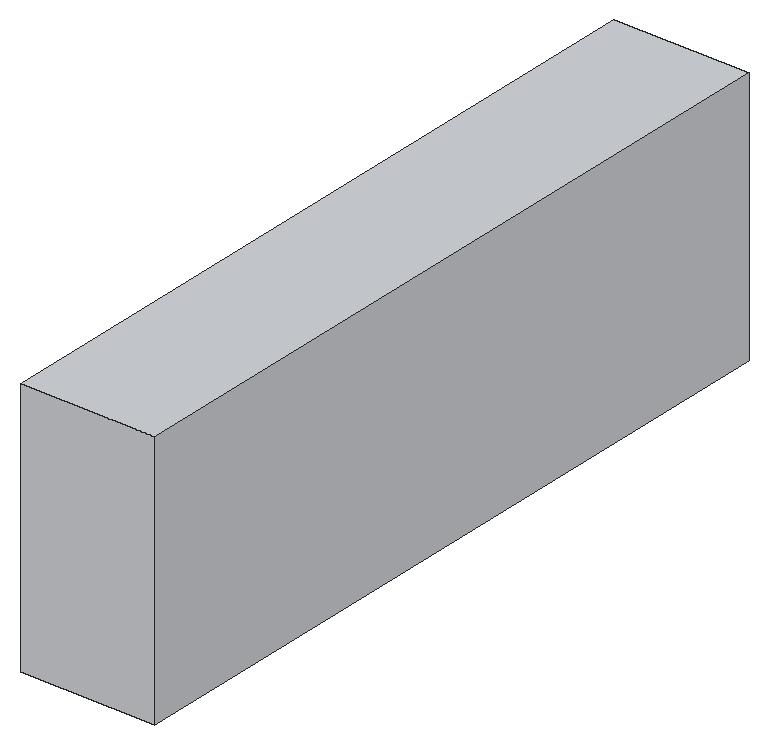
Revit family "a22483d37ba540aab9a0e28ebe6d9873", category Duct Accessories, Revit 2021
Family settings
  Round Connector Dimension = Use Diameter
  Part Type = Attaches To
  OmniClass Number = 23.85.30.21.11.11.11
  OmniClass Title = Smoke Detectors
  Seek Item ID = Duct Heat Detector-0000-USA-ENU
  Work Plane-Based = No
  Always vertical = Yes
  Cut with Voids When Loaded = No
  Shared = No
Parameters (values of type "Rectangular")
  Width = 1' - 2 97/256"
  Length = 0' - 2 77/128"
  Label = "H"
  Height = 0' - 5"
  Default Elevation = 0' - 0"
  Assembly Code = ""
Types (2): name | Width | Length | Height
  Rectangular | 1' - 2 97/256" | 0' - 2 77/128" | 0' - 5"
  Square | 0' - 7 3/4" | 0' - 2 1/2" | 0' - 9"
Reference planes (in)
  plane 1 "Center (Front/Back)": y = 0
  plane 2: z = 0
  plane 3 "Center (Left/Right)": x = 0
  plane 4: x = 2.60156
Forms (in)
  Extrusion 1, solid
    sketch origin (0, 0, 0) x (0, 1, 0) y (0, 0, 1)
      loop
        line (7.18945, 2.5) -> (-7.18945, 2.5) -> (-7.18945, -2.5) -> (7.18945, -2.5) -> (7.18945, 2.5)
    from 0 to 2.60156
Lines and regions (in)
  symbolic lines, detail levels fine
    curve 1: line (2.60156, 7.18945, 0) -> (0, 7.18945, 0)
    curve 2: line (2.60156, -7.18945, 0) -> (2.60156, 7.18945, 0)
    curve 3: line (0, -7.18945, 0) -> (2.60156, -7.18945, 0)
    curve 4: line (0, 7.18945, 0) -> (0, -7.18945, 0)
Dimensions and locks (in)
  equal spacing: Extrusion 1 sketch curve, plane 1 "Center (Front/Back)", Extrusion 1 sketch curve
  equal spacing: Extrusion 1 sketch curve, level, Extrusion 1 sketch curve
  "Height": Extrusion 1 sketch curve to Extrusion 1 sketch curve
  "Width": Extrusion 1 sketch curve to Extrusion 1 sketch curve
  "Length": plane 4 to plane 3 "Center (Left/Right)"
  aligned and locked: plane 4 to Extrusion 1
  aligned and locked: Extrusion 1 to plane 3 "Center (Left/Right)"
  aligned and locked: curve 1 to Extrusion 1
  aligned and locked: curve 2 to Extrusion 1
  aligned and locked: curve 3 to Extrusion 1
  aligned and locked: curve 4 to Extrusion 1
  aligned and locked: plane 1 "Center (Front/Back)" to nested 1
  aligned and locked: plane 3 "Center (Left/Right)" to nested 1
Nested families (in)
  nested 1: "Duct Detector Annotation" at (0, 0, 0), type "Duct Detector Annotation", detail levels coarse+medium
Connectors (in)
  hvac at (0, 0, 0), driven by "Height", driven by "Width"
    settings: on Extrusion 1, index 0, duct flow 0 CFM, flow factor 0, pres drop 0.00 in-wg, loss coef 0, conn angle 0.00°, conn width 14 97/256", conn height 5", conn diameter 24", duct sys type 28, conn prof type 1, flow config 0, flow direction 0, loss method 0, conn ref index -1, conn util no, is conn primary yes, conn desc ""
  electrical at (2.60156, 0, 0)
    settings: on Extrusion 1, index 1, voltage 0 V, apparent load 0 VA, apparent load phase1 0 VA, apparent load phase2 0 VA, apparent load phase3 0 VA, power factor 1, load classification "Other", number of poles 1, system type 11, power factor state 1, is connector primary yes, connector utility no, sub classification motor no, connector description ""
Definition of nested family "Duct Detector Annotation"
  Parameters
    Label Annotation 2 = "D"
    Label Annotation 1 = "H"
  Reference planes (in)
    plane 1: y = 0
    plane 2: x = 0
  Lines and regions (in)
    reference lines
      curve 1: line (-0.59408, 0.0625, 0) -> (1.03342, 0.0625, 0)
      curve 8: line (0.42913, 0.11587, 0) -> (0.42913, -0.14391, 0)
    detail lines
      curve 2: line (0, 0.0625, 0) -> (-0.05413, 0.03125, 0)
      curve 3: line (-0.05413, 0.03125, 0) -> (-0.05413, -0.03125, 0)
      curve 4: line (-0.05413, -0.03125, 0) -> (0, -0.0625, 0)
      curve 5: line (0, -0.0625, 0) -> (0.05413, -0.03125, 0)
      curve 6: line (0.05413, -0.03125, 0) -> (0.05413, 0.03125, 0)
      curve 7: line (0.05413, 0.03125, 0) -> (0, 0.0625, 0)
      curve 9: line (0.05413, 0.01563, 0) -> (0.42913, 0.01562, 0)
      curve 10: line (0.05413, -0.01563, 0) -> (0.42913, -0.01562, 0)
  Text (in)
    label "H" at (-0.02775, 0.00018, 0), shows "Label Annotation 1"
    label "D" at (0.05408, -0.06996, 0), shows "Label Annotation 2"
  Dimensions and locks (in)
    locked: plane 1 to curve 1 at 0.0625
    locked: curve 6 to curve 8 at 0.375
    locked: plane 1 to curve 9 at 0.01562
    locked: curve 10 to curve 9 at 0.03125
    aligned and locked: curve 8 to curve 9
    aligned and locked: curve 6 to curve 9
